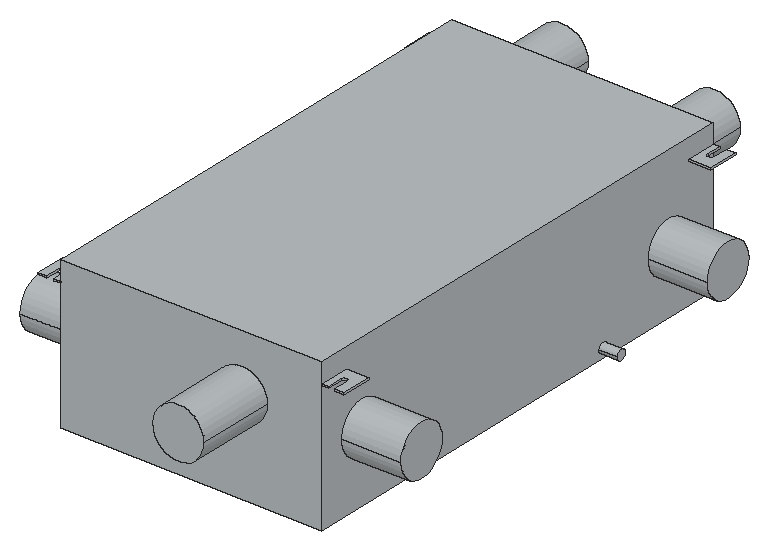
Revit family "vl-200zmhsv3-rc_zmhs(v)4_50Hz", category 機械設備, Revit 2019
Family settings
  丸型コネクタ寸法 = 直径を使用
  パーツ タイプ = 標準
  OmniClass 番号 = 23.75.10.34.21
  OmniClass タイトル = Heat Exchangers for Ventilation Air
  作業面ベース = いいえ
  常に垂直 = はい
  ロード時にボイドで切り取り = いいえ
  共有 = いいえ
  部屋計算ポイント = はい
Parameters (values of type "VL-200ZMHS4")
  騒音レベル(dB(A)) = 30
  風量 = 150.0 m³/h
  面風速 = 5.31 m/s
  電源種別 [instance] = ""
  電圧 = 100 V
  電動機出力 = 0 W
  集中コントローラ = ""
  運転質量 = 0.00 kg
  連動 [instance] = ""
  質量 = if(製品質量 > 運転質量, 製品質量, 運転質量) * 1.2  # 22.80 kg
  負荷分類 = 3_ファン類
  説明 = "ロスナイセントラル換気システム 天吊埋込形 浴室暖房機連動シリーズ"
  設計風量 = 0.0 m³/h
  設置方法 = "天井吊(隠ぺい)形"
  記号 [instance] = ""
  製造元 = "三菱電機株式会社"
  製品質量 = 19.00 kg
  製品出荷対象 = "国内"
  製品リリース年月 = "2022/6/1"
  製品グループ = ""
  系統 [instance] = ""
  符号 = "HEU"
  積算_科目 = "1 空気調和設備"
  積算_拾い区分 [instance] = ""
  相 = 1
  盤記号 [instance] = ""
  発停方法 [instance] = ""
  特殊仕様 [instance] = ""
  点検口高さ = -295 mm
  点検口_Depth = 600 mm
  点検口 = yes
  火災停止 [instance] = ""
  温度交換効率 = 72.00%
  消費電力 = 63.5 W
  法定耐用年数 = "15"
  機外静圧_排気 = 62.0 Pa
  機外静圧 = 62.0 Pa
  極数 = 2
  材質 [instance] = ""
  本体マテリアル = 亜鉛めっき鋼板
  操作・制御方式 = ""
  操作・制御スイッチ = ""
  排気量 = 0.0 m³/h
  形式 = "天井埋込ダクト形"
  幹線記号 [instance] = ""
  対象室 [instance] = ""
  実風量 = 0.0 m³/h
  始動方式 [instance] = "直入"
  天吊金具_径 = 13 mm
  天吊金具_幅 = 588 mm
  外気量 = 0.0 m³/h
  呼称 = "全熱交換ユニット"
  周波数 = 50 Hz
  天吊金具ピッチ2 = 880 mm
  天吊金具ピッチ1 = 540 mm
  天吊金具_高さ = 40 mm
  参照している仕様書等のバージョン = ""
  初期抵抗 = 0.0 Pa
  分類コード = "50052504100070"
  分類グループ = ""
  価格 = 248200
  企業コード = "108420"
  付属品_フィルター_還気 = ""
  付属品_フィルター = ""
  付属品 [instance] = ""
  仕様書バージョン = "Version1.0"
  モデル = "VL-200ZMHS4"
  ドレン管径 = 18 mm
  ダクト径 = 100 mm
  コメント [instance] = ""
  Keynote = ""
  エンタルピ交換効率_暖房 = 67.00%
  エンタルピ交換効率_冷房 = 66.00%
  Assembly Code = ""
  Width = 500 mm
  Version = ""
  Uniclass2015Version = "Systems v1.9"
  Uniclass2015Title = "Thermal wheels"
  Uniclass2015Code = "Pr_60_60_36_88"
  URL = "https://www.mitsubishielectric.co.jp/ldg/wink/ssl/displayProduct.do?pid=320830"
  SpecificationReference = ""
  SpecificationDescription = ""
  SAサイズ_D = 98 mm
  Revision = ""
  RAダクト接続口_t4 = yes
  RAダクト接続口_t3 = yes
  RAサイズ_D = 98 mm
  Duct_SA_Center = 97 mm
  Duct_RA_Center2 = 234 mm
  Duct_RA_Center1 = 373 mm
  ProductInformation = ""
  OmniClassCode = "23-27 23 19 11"
  RAダクト接続口_b1 = yes
  RAダクト接続口_b2 = not(RAダクト接続口_b1)  # no
  OAサイズ_W = 0 mm
  OAサイズ_D = 98 mm
  Duct_OA_Center = 159 mm
  MIN風量 = 80.0 m³/h
  MIN静圧 = 18.0 Pa
  MID風量 = 0.0 m³/h
  MID静圧 = 0.0 Pa
  MAX風量 = 150.0 m³/h
  MAX静圧 = 62.0 Pa
  IfcTypeProduct = ""
  IfcProduct = ""
  IfcExportType = "ROTARYWHEEL"
  IfcExportAs = "IfcAirToAirHeatRecoveryType"
  Height = 289 mm
  RAダクト接続口_t2 = no
  RAダクト接続口_t1 = yes
  EAサイズ_W = 0 mm
  EAサイズ_D = 98 mm
  Duct_EA_Center = 133 mm
  Duct_RA_Height2 = 166 mm
  Duct_RA_Height1 = 153 mm
  Duct_EA_Height = 100 mm
  Duct_OA_Height = 89 mm
  Duct_SA_Height = 109 mm
  Duct_Depth2 = 115 mm
  Duct_Depth1 = 151 mm
  Duct_RA_Center3 = 362 mm
  Drain_Height = 270 mm
  Drain_Depth = 574 mm
  Drain_Center = 204 mm
  Depth = 938 mm
  D1 = 256 mm
  Author = "三菱電機株式会社"
Types (3, lengths in mm): name | 騒音レベル(dB(A)) | 風量 | 面風速 | 説明 | 製品リリース年月 | 温度交換効率 | 消費電力 | 機外静圧_排気 | 機外静圧 | 価格 | モデル | エンタルピ交換効率_暖房 | エンタルピ交換効率_冷房 | URL | MAX風量 | MAX静圧
  VL-200ZMHSV4 | 32 | 150.0 m³/h | 5.31 m/s | "ロスナイセントラル換気システム 天吊埋込形 浴室暖房機連動シリーズ" | "2022/6/1" | 67.00% | 55 W | 62.0 Pa | 62.0 Pa | 287800 | "VL-200ZMHSV4" | 61.00% | 59.00% | "https://www.mitsubishielectric.co.jp/ldg/wink/ssl/displayProduct.do?pid=320831" | 150.0 m³/h | 62.0 Pa
  VL-200ZMHS4 | 30 | 150.0 m³/h | 5.31 m/s | "ロスナイセントラル換気システム 天吊埋込形 浴室暖房機連動シリーズ" | "2022/6/1" | 72.00% | 63.5 W | 62.0 Pa | 62.0 Pa | 248200 | "VL-200ZMHS4" | 67.00% | 66.00% | "https://www.mitsubishielectric.co.jp/ldg/wink/ssl/displayProduct.do?pid=320830" | 150.0 m³/h | 62.0 Pa
  VL-200ZMHSV3-RC | 33.5 | 170.0 m³/h | 6.01 m/s | "ロスナイセントラル換気システム 天吊埋込形 スマートe-Flo®システム対応" | "2021/11/1" | 70.00% | 66 W | 90.0 Pa | 103.0 Pa | 362400 | "VL-200ZMHSV3-RC" | 66.00% | 64.00% | "https://www.mitsubishielectric.co.jp/ldg/wink/ssl/displayProduct.do?pid=313655" | 170.0 m³/h | 103.0 Pa
Reference planes
  plane 1 "中心(正面/背面)": y = 0
  plane 2: z = 0
  plane 3 "中心(左/右)": x = 0
  plane 4: x = -250
  plane 5: x = 250
  plane 6: y = 469
  plane 7: y = -469
  plane 8: z = -289
  plane 9: z = -89
  plane 10: x = -159
  plane 11: x = 133
  plane 12: y = -620
  plane 13: y = 620
  plane 14: y = 362
  plane 15: x = -365
  plane 16: x = 365
  plane 17: y = 300
  plane 18: x = -270
  plane 19: x = 270
  plane 20: y = 440
  plane 21: y = -440
  plane 22: y = -300
  plane 23: x = -294
  plane 24: y = 410
  plane 25: y = -410
  plane 26: z = -5
  plane 27: z = -37
  plane 28: z = -40
  plane 29: x = 294
  plane 30: x = 97
  plane 31: z = -109
  plane 32: z = -100
  plane 33: z = -166
  plane 34: y = -234
  plane 35: y = -373
  plane 36: z = -153
  plane 37: x = -300
  plane 38: x = 300
  plane 39: x = -287
  plane 40: x = 287
  plane 41: y = -256
  plane 42: y = 204
  plane 43: z = -270
Forms (mm)
  Extrusion 1, solid, material "亜鉛めっき鋼板" <- "本体マテリアル", detail levels fine
    sketch origin (0, 0, 0) x (1, 0, 0) y (0, 1, 0)
      loop
        line (-250, 469) -> (-250, -469) -> (250, -469) -> (250, 469) -> (-250, 469)
    from 0 to -289
  Extrusion 2, solid, material "亜鉛めっき鋼板" <- "本体マテリアル", detail levels fine
    sketch origin (510, 445, 0) x (-1, 0, 0) y (0, 0, 1)
      loop
        circle (377, -100) r 49
    from 24 to 175
  Extrusion 3, solid, material "亜鉛めっき鋼板" <- "本体マテリアル", detail levels fine
    sketch origin (-510, 445, 0) x (1, 0, 0) y (0, 0, -1)
      loop
        circle (351, 89) r 49
    from 24 to 175
  Extrusion 4, solid, material "亜鉛めっき鋼板" <- "本体マテリアル", detail levels fine
    sketch origin (-510, -445, 0) x (1, 0, 0) y (0, 0, 1)
      loop
        circle (607, -109) r 49
    from 24 to 175
  Extrusion 5, solid, material "亜鉛めっき鋼板" <- "本体マテリアル", visible <- "RAダクト接続口_t1", detail levels fine
    sketch origin (0, 0, 0) x (0, 1, 0) y (0, 0, 1)
      loop
        circle (362, -166) r 49
    from 250 to 365
  Extrusion 6, solid, material "亜鉛めっき鋼板" <- "本体マテリアル", visible <- "RAダクト接続口_b2", detail levels fine
    sketch origin (0, 0, 0) x (0, 1, 0) y (0, 0, -1)
      loop
        circle (362, 166) r 49
    from 250 to 365
  Extrusion 7, solid, material "亜鉛めっき鋼板" <- "本体マテリアル", visible <- "RAダクト接続口_t1", detail levels fine
    sketch origin (0, 0, 0) x (0, 1, 0) y (0, 0, 1)
      loop
        circle (-373, -153) r 49
    from 250 to 365
  Extrusion 8, solid, material "亜鉛めっき鋼板" <- "本体マテリアル", visible <- "RAダクト接続口_t2", detail levels fine
    sketch origin (0, 0, 0) x (0, 1, 0) y (0, 0, 1)
      loop
        circle (-234, -153) r 49
    from 250 to 365
  Extrusion 9, solid, material "亜鉛めっき鋼板" <- "本体マテリアル", visible <- "RAダクト接続口_t3", detail levels fine
    sketch origin (0, 0, 0) x (0, 1, 0) y (0, 0, -1)
      loop
        circle (-373, 153) r 49
    from 250 to 365
  Extrusion 10, solid, material "亜鉛めっき鋼板" <- "本体マテリアル", visible <- "RAダクト接続口_t4", detail levels fine
    sketch origin (0, 0, 0) x (0, 1, 0) y (0, 0, -1)
      loop
        circle (-234, 153) r 49
    from 250 to 365
  Extrusion 11, solid, material "亜鉛めっき鋼板" <- "本体マテリアル"
    sketch origin (0, 0, 0) x (0, 1, 0) y (0, 0, 1)
      loop
        circle (204, -270) r 9
    from 250 to 287
  Extrusion 12, solid, material "亜鉛めっき鋼板" <- "本体マテリアル"
    sketch origin (0, 0, 0) x (0, 1, 0) y (0, 0, 1)
      loop
        circle (204, -270) r 9
    from -287 to -250
  Extrusion 13, solid, material "亜鉛めっき鋼板" <- "本体マテリアル"
    sketch origin (0, 0, 0) x (1, 0, 0) y (0, 1, 0)
      loop
        line (250, -410) -> (250, -469) -> (263.5, -469) -> (263.5, -440)
        arc (263.5, -440) -> (270, -433.5) -> (276.5, -440) r 6.5
        line (276.5, -440) -> (276.5, -469) -> (294, -469) -> (294, -410) -> (250, -410)
      loop
        line (-250, -410) -> (-294, -410) -> (-294, -469) -> (-276.5, -469) -> (-276.5, -440)
        arc (-276.5, -440) -> (-270, -433.5) -> (-263.5, -440) r 6.5
        line (-263.5, -440) -> (-263.5, -469) -> (-250, -469) -> (-250, -410)
      loop
        line (250, 410) -> (294, 410) -> (294, 469) -> (276.5, 469) -> (276.5, 440)
        arc (276.5, 440) -> (270, 433.5) -> (263.5, 440) r 6.5
        line (263.5, 440) -> (263.5, 469) -> (250, 469) -> (250, 410)
      loop
        line (-250, 410) -> (-250, 469) -> (-263.5, 469) -> (-263.5, 440)
        arc (-263.5, 440) -> (-270, 433.5) -> (-276.5, 440) r 6.5
        line (-276.5, 440) -> (-276.5, 469) -> (-294, 469) -> (-294, 410) -> (-250, 410)
    from -40 to -37
Lines and regions (mm)
  Masking region 1, detail levels coarse+medium
    outline origin (1326.5, 29, 0) x (1, 0, 0) y (0, 1, 0)
      loop
        line (-1576.5, 440) -> (-1576.5, -498) -> (-1076.5, -498) -> (-1076.5, 440) -> (-1576.5, 440)
  symbolic lines, detail levels coarse+medium
    curve 1: line (0, 469, 0) -> (-250, 0, 0)
    curve 2: line (-250, 0, 0) -> (0, -469, 0)
    curve 3: line (0, -469, 0) -> (250, 0, 0)
    curve 4: line (250, 0, 0) -> (0, 469, 0)
Dimensions and locks
  equal spacing: plane 4, plane 3 "中心(左/右)", plane 5
  "Width": plane 4 to plane 5
  equal spacing: plane 6, plane 1 "中心(正面/背面)", plane 7
  "Depth": plane 6 to plane 7
  "Height": level to plane 8
  "Duct_OA_Height": level to plane 9
  "Duct_Depth1": plane 13 to plane 6
  "Duct_Depth1": plane 7 to plane 12
  "Duct_Depth2": plane 5 to plane 16
  "Duct_Depth2": plane 15 to plane 4
  equal spacing: plane 18, plane 3 "中心(左/右)", plane 19
  "天吊金具ピッチ1": plane 18 to plane 19
  equal spacing: plane 20, plane 1 "中心(正面/背面)", plane 21
  "天吊金具ピッチ2": plane 20 to plane 21
  equal spacing: plane 17, plane 1 "中心(正面/背面)", plane 22
  "点検口_Depth": plane 17 to plane 22
  locked: plane 20 to plane 24 at 30
  locked: plane 27 to plane 28 at 3
  "Duct_SA_Height": level to plane 31
  "Duct_RA_Center3": plane 1 "中心(正面/背面)" to plane 14
  "Duct_EA_Center": plane 11 to plane 3 "中心(左/右)"
  "Duct_OA_Center": plane 3 "中心(左/右)" to plane 10
  "Duct_EA_Height": plane 32 to level
  "Duct_RA_Height2": level to plane 33
  "Duct_RA_Center2": plane 34 to plane 1 "中心(正面/背面)"
  "Duct_RA_Center1": plane 35 to plane 1 "中心(正面/背面)"
  "Duct_RA_Height1": level to plane 36
  equal spacing: plane 37, plane 3 "中心(左/右)", plane 38
  "点検口_Depth": plane 37 to plane 38
  equal spacing: plane 39, plane 3 "中心(左/右)", plane 40
  "Drain_Depth": plane 39 to plane 40
  "Duct_SA_Center": plane 30 to plane 3 "中心(左/右)"
  "D1": plane 1 "中心(正面/背面)" to plane 41
  "Drain_Center": plane 1 "中心(正面/背面)" to plane 42
  "Drain_Height": level to plane 43
  "天吊金具_幅": plane 23 to plane 29
  locked: plane 25 to plane 21 at 30
  "天吊金具_高さ": level to plane 28
  "OAサイズ_D": diameter of Extrusion 3 sketch curve
  "SAサイズ_D": diameter of Extrusion 4 sketch curve
  "EAサイズ_D": diameter of Extrusion 2 sketch curve
  "RAサイズ_D": diameter of Extrusion 5 sketch curve
  "RAサイズ_D": diameter of Extrusion 6 sketch curve
  "RAサイズ_D": diameter of Extrusion 8 sketch curve
  "RAサイズ_D": diameter of Extrusion 7 sketch curve
  "RAサイズ_D": diameter of Extrusion 10 sketch curve
  "RAサイズ_D": diameter of Extrusion 9 sketch curve
  "ドレン管径": diameter of Extrusion 11 sketch curve
  "ドレン管径": diameter of Extrusion 12 sketch curve
  "天吊金具_径": diameter of Extrusion 13 sketch curve  (x4)
  aligned and locked: level to plane 2
  aligned and locked: Extrusion 1 to plane 8
  aligned and locked: Masking region 1 to plane 4
  aligned and locked: plane 5 to Masking region 1
  aligned and locked: plane 6 to Masking region 1
  aligned and locked: Masking region 1 to plane 7
  aligned and locked: plane 19 to nested 1
  aligned and locked: plane 18 to nested 1
  aligned and locked: nested 1 to plane 21
  aligned and locked: plane 20 to nested 1
  aligned and locked: plane 17 to nested 2
  aligned and locked: nested 2 to plane 22
  aligned and locked: plane 13 to Extrusion 2
  aligned and locked: Extrusion 2 to plane 6
  aligned and locked: plane 13 to Extrusion 3
  aligned and locked: Extrusion 3 to plane 6
  aligned and locked: Extrusion 4 to plane 12
  aligned and locked: plane 7 to Extrusion 4
  aligned and locked: plane 16 to Extrusion 5
  aligned and locked: Extrusion 5 to plane 5
  aligned and locked: plane 4 to Extrusion 6
  aligned and locked: Extrusion 6 to plane 15
  aligned and locked: plane 16 to Extrusion 7
  aligned and locked: Extrusion 7 to plane 5
  aligned and locked: plane 16 to Extrusion 8
  aligned and locked: Extrusion 8 to plane 5
  aligned and locked: Extrusion 9 to plane 15
  aligned and locked: Extrusion 10 to plane 15
  aligned and locked: plane 4 to Extrusion 10
  aligned and locked: plane 4 to Extrusion 9
  aligned and locked: plane 38 to nested 2
  aligned and locked: plane 37 to nested 2
  aligned and locked: Extrusion 11 to plane 40
  aligned and locked: Extrusion 11 to plane 5
  aligned and locked: Extrusion 12 to plane 39
  aligned and locked: plane 4 to Extrusion 12
  aligned and locked: Extrusion 13 sketch curve to plane 25
  aligned and locked: plane 7 to Extrusion 13 sketch curve  (x2)
  aligned and locked: plane 4 to Extrusion 13 sketch curve
  aligned and locked: plane 25 to Extrusion 13 sketch curve
  aligned and locked: Extrusion 13 sketch curve to plane 23
  aligned and locked: Extrusion 13 sketch curve to plane 7  (x2)
  aligned and locked: Extrusion 13 sketch curve to plane 4
  aligned and locked: plane 23 to Extrusion 13 sketch curve
  aligned and locked: Extrusion 13 sketch curve to plane 6
  aligned and locked: Extrusion 13 sketch curve to plane 29
  aligned and locked: plane 6 to Extrusion 13 sketch curve  (x2)
  aligned and locked: Extrusion 13 sketch curve to plane 5
  aligned and locked: Extrusion 13 sketch curve to plane 24
  aligned and locked: Extrusion 13 to plane 28
  aligned and locked: plane 27 to Extrusion 13
Automatic sketch dimensions
  Extrusion 2 sketch curve to plane 11 = 0 mm
  Extrusion 2 sketch curve to plane 32 = 0 mm
  Extrusion 3 sketch curve to plane 9 = 0 mm
  Extrusion 3 sketch curve to plane 10 = 0 mm
  Extrusion 4 sketch curve to plane 30 = 0 mm
  Extrusion 4 sketch curve to plane 31 = 0 mm
  Extrusion 5 sketch curve to plane 14 = 0 mm
  Extrusion 5 sketch curve to plane 33 = 0 mm
  Extrusion 6 sketch curve to plane 14 = 0 mm
  Extrusion 6 sketch curve to plane 33 = 0 mm
  Extrusion 7 sketch curve to plane 35 = 0 mm
  Extrusion 7 sketch curve to plane 36 = 0 mm
  Extrusion 8 sketch curve to plane 34 = 0 mm
  Extrusion 8 sketch curve to plane 36 = 0 mm
  Extrusion 9 sketch curve to plane 35 = 0 mm
  Extrusion 9 sketch curve to plane 36 = 0 mm
  Extrusion 10 sketch curve to plane 34 = 0 mm
  Extrusion 10 sketch curve to plane 36 = 0 mm
  plane 1 "中心(正面/背面)" to curve 1 = 0 mm
  curve 1 to plane 4 = 0 mm
  curve 2 to plane 3 "中心(左/右)" = 0 mm
  curve 4 to plane 3 "中心(左/右)" = 0 mm
  plane 1 "中心(正面/背面)" to curve 4 = 0 mm
  curve 4 to plane 5 = 0 mm
  curve 2 to plane 7 = 0 mm
  curve 4 to plane 6 = 0 mm
  Extrusion 1 sketch curve to plane 4 = 0 mm
  Extrusion 1 sketch curve to plane 5 = 0 mm
  Extrusion 1 sketch curve to plane 7 = 0 mm
  Extrusion 1 sketch curve to plane 6 = 0 mm
  Masking region 1 sketch curve to plane 4 = 0 mm
  Masking region 1 sketch curve to plane 5 = 0 mm
  Masking region 1 sketch curve to plane 7 = 0 mm
  Masking region 1 sketch curve to plane 6 = 0 mm
  Extrusion 13 sketch curve to plane 21 = 0 mm  (x2)
  Extrusion 13 sketch curve to plane 20 = 0 mm  (x2)
  Extrusion 13 sketch curve to plane 18 = 0 mm  (x2)
  Extrusion 13 sketch curve to plane 5 = 0 mm
  Extrusion 13 sketch curve to plane 19 = 0 mm  (x2)
  Extrusion 13 sketch curve to plane 29 = 0 mm
  Extrusion 13 sketch curve to plane 24 = 0 mm
  Extrusion 13 sketch curve to plane 6 = 0 mm
  Extrusion 11 sketch curve to plane 42 = 0 mm
  Extrusion 11 sketch curve to plane 43 = 0 mm
  Extrusion 12 sketch curve to plane 42 = 0 mm
  Extrusion 12 sketch curve to plane 43 = 0 mm
Nested families
  nested 1: "固定点" at (-270, -440, 0), type "固定点"
    with W 540 mm, D 880 mm
  nested 2: "点検口設置範囲" at (0, 0, -295), built-in parameter 1001364 <- "点検口高さ", visible <- "点検口", type "点検口設置範囲"
    with Width 600 mm, Depth 600 mm
Connectors
  hvac at (133, 620, -100), driven by "ダクト径", driven by "排気量", driven by "機外静圧_排気"
    settings: on Extrusion 2, index 8, duct flow 0.0 m³/h, flow factor 0, pres drop 62.0 Pa, loss coef 0, conn angle 0.00°, conn width 304.8 mm, conn height 304.8 mm, conn diameter 100 mm, duct sys type 3, conn prof type 0, flow config 0, flow direction 2, loss method 4, conn ref index -1, conn util no, is conn primary yes, conn desc ""
  hvac at (-159, 620, -89), driven by "ダクト径", driven by "外気量", driven by "機外静圧"
    settings: on Extrusion 3, index 9, duct flow 0.0 m³/h, flow factor 0, pres drop 62.0 Pa, loss coef 0, conn angle 0.00°, conn width 304.8 mm, conn height 304.8 mm, conn diameter 100 mm, duct sys type 4, conn prof type 0, flow config 0, flow direction 1, loss method 4, conn ref index -1, conn util no, is conn primary no, conn desc ""
  hvac at (97, -620, -109), driven by "ダクト径", driven by "風量", driven by "機外静圧"
    settings: on Extrusion 4, index 10, duct flow 150.0 m³/h, flow factor 0, pres drop 62.0 Pa, loss coef 0, conn angle 0.00°, conn width 304.8 mm, conn height 304.8 mm, conn diameter 100 mm, duct sys type 1, conn prof type 0, flow config 0, flow direction 2, loss method 4, conn ref index -1, conn util no, is conn primary no, conn desc ""
  hvac at (365, 362, -166), driven by "ダクト径", driven by "機外静圧", driven by "風量"
    settings: on Extrusion 5, index 11, duct flow 150.0 m³/h, flow factor 0, pres drop 62.0 Pa, loss coef 0, conn angle 0.00°, conn width 304.8 mm, conn height 304.8 mm, conn diameter 100 mm, duct sys type 2, conn prof type 0, flow config 0, flow direction 1, loss method 4, conn ref index -1, conn util no, is conn primary no, conn desc ""
  hvac at (-365, 362, -166), driven by "ダクト径", driven by "機外静圧", driven by "風量"
    settings: on Extrusion 6, index 12, duct flow 150.0 m³/h, flow factor 0, pres drop 62.0 Pa, loss coef 0, conn angle 0.00°, conn width 304.8 mm, conn height 304.8 mm, conn diameter 100 mm, duct sys type 2, conn prof type 0, flow config 0, flow direction 1, loss method 4, conn ref index -1, conn util no, is conn primary no, conn desc ""
  hvac at (365, -234, -153), driven by "ダクト径", driven by "機外静圧", driven by "風量"
    settings: on Extrusion 8, index 13, duct flow 150.0 m³/h, flow factor 0, pres drop 62.0 Pa, loss coef 0, conn angle 0.00°, conn width 304.8 mm, conn height 304.8 mm, conn diameter 100 mm, duct sys type 2, conn prof type 0, flow config 0, flow direction 1, loss method 4, conn ref index -1, conn util no, is conn primary no, conn desc ""
  hvac at (365, -373, -153), driven by "ダクト径", driven by "機外静圧", driven by "風量"
    settings: on Extrusion 7, index 14, duct flow 150.0 m³/h, flow factor 0, pres drop 62.0 Pa, loss coef 0, conn angle 0.00°, conn width 304.8 mm, conn height 304.8 mm, conn diameter 100 mm, duct sys type 2, conn prof type 0, flow config 0, flow direction 1, loss method 4, conn ref index -1, conn util no, is conn primary no, conn desc ""
  hvac at (-365, -234, -153), driven by "ダクト径", driven by "機外静圧", driven by "風量"
    settings: on Extrusion 10, index 15, duct flow 150.0 m³/h, flow factor 0, pres drop 62.0 Pa, loss coef 0, conn angle 0.00°, conn width 304.8 mm, conn height 304.8 mm, conn diameter 100 mm, duct sys type 2, conn prof type 0, flow config 0, flow direction 1, loss method 4, conn ref index -1, conn util no, is conn primary no, conn desc ""
  hvac at (-365, -373, -153), driven by "ダクト径", driven by "機外静圧", driven by "風量"
    settings: on Extrusion 9, index 16, duct flow 150.0 m³/h, flow factor 0, pres drop 62.0 Pa, loss coef 0, conn angle 0.00°, conn width 304.8 mm, conn height 304.8 mm, conn diameter 100 mm, duct sys type 2, conn prof type 0, flow config 0, flow direction 1, loss method 4, conn ref index -1, conn util no, is conn primary no, conn desc ""
  piping at (287, 204, -270), diameter 18, driven by "ドレン管径"
    settings: on Extrusion 11, index 17, connector inside diameter 609.6 mm, connector length 0 mm, flow factor 0, pipe flow 0.0 L/s, pressure drop 0.0 Pa, fitting loss kfactor 0, connector angle 0.00°, fixture units 0, engagement length 0 mm, angle of deflection 0.00°, flow configuration 0, flow direction 2, fitting loss method 4, system type 16, joint type 0, gender type 0, connector reference index -1, connector utility 0, adjustable connector no, is connector primary yes, connector description ""
  piping at (-287, 204, -270), diameter 18, driven by "ドレン管径"
    settings: on Extrusion 12, index 18, connector inside diameter 609.6 mm, connector length 0 mm, flow factor 0, pipe flow 0.0 L/s, pressure drop 0.0 Pa, fitting loss kfactor 0, connector angle 0.00°, fixture units 0, engagement length 0 mm, angle of deflection 0.00°, flow configuration 0, flow direction 2, fitting loss method 4, system type 16, joint type 0, gender type 0, connector reference index -1, connector utility 0, adjustable connector no, is connector primary no, connector description ""
Definition of nested family "固定点"
  Parameters (values of type "固定点")
    中心円 = 20 mm
    W [instance] = 1000 mm
    D [instance] = 1000 mm
  Reference planes
    plane 1 "中心(正面/背面)": y = 0
    plane 2: z = 0
    plane 3 "中心(左/右)": x = 0
    plane 4: x = 1000
    plane 5: y = 1000
  Lines and regions (mm)
    symbolic lines, detail levels fine
      curve 1: circle (0, 1000, 0) r 10 normal (0, 0, 1)
      curve 2: circle (0, 0, 0) r 10 normal (0, 0, 1)
      curve 3: circle (1000, 1000, 0) r 10 normal (0, 0, 1)
      curve 4: circle (1000, 0, 0) r 10 normal (0, 0, 1)
      curve 5: line (-200, 1000, 0) -> (1200, 1000, 0)
      curve 6: line (-200, 0, 0) -> (1200, 0, 0)
      curve 7: line (0, 1200, 0) -> (0, -200, 0)
      curve 8: line (1000, 1200, 0) -> (1000, -200, 0)
  Dimensions and locks
    "W": plane 3 "中心(左/右)" to plane 4
    "D": plane 1 "中心(正面/背面)" to plane 5
    "中心円": diameter of curve 1
    "中心円": diameter of curve 2
    "中心円": diameter of curve 3
    "中心円": diameter of curve 4
    aligned and locked: level to plane 2
    aligned and locked: plane 5 to curve 1
    aligned and locked: plane 3 "中心(左/右)" to curve 1
    aligned and locked: plane 3 "中心(左/右)" to curve 2
    aligned and locked: plane 1 "中心(正面/背面)" to curve 2
    aligned and locked: plane 4 to curve 3
    aligned and locked: plane 5 to curve 3
    aligned and locked: plane 1 "中心(正面/背面)" to curve 4
    aligned and locked: plane 4 to curve 4
    aligned and locked: plane 1 "中心(正面/背面)" to curve 6
    aligned and locked: curve 7 to plane 3 "中心(左/右)"
    aligned and locked: curve 8 to plane 4
  Automatic sketch dimensions
    curve 5 to plane 5 = 0 mm
    curve 6 to plane 3 "中心(左/右)" = 200 mm
    curve 5 to plane 3 "中心(左/右)" = 200 mm
    curve 4 to curve 6 = 200 mm
    curve 3 to curve 5 = 200 mm
    plane 1 "中心(正面/背面)" to curve 8 = 200 mm
    plane 1 "中心(正面/背面)" to curve 7 = 200 mm
    curve 3 to curve 8 = 200 mm
    curve 1 to curve 7 = 200 mm
Definition of nested family "点検口設置範囲"
  Parameters (values of type "点検口設置範囲")
    Width [instance] = 1000 mm
    Depth [instance] = 700 mm
  Reference planes
    plane 1 "中心(正面/背面)": y = 0
    plane 2: z = 0
    plane 3 "中心(左/右)": x = 0
    plane 4: x = -500
    plane 5: x = 500
    plane 6: y = -350
    plane 7: y = 350
  Lines and regions (mm)
    model lines
      curve 1: line (-500, 350, 0) -> (500, 350, 0)
      curve 2: line (-500, -350, 0) -> (-500, 350, 0)
      curve 3: line (500, -350, 0) -> (-500, -350, 0)
      curve 4: line (500, 350, 0) -> (500, -350, 0)
  Dimensions and locks
    "Depth": plane 7 to plane 6
    "Width": plane 4 to plane 5
    equal spacing: plane 7, plane 1 "中心(正面/背面)", plane 6
    equal spacing: plane 4, plane 3 "中心(左/右)", plane 5
    aligned and locked: level to plane 2
    aligned and locked: plane 4 to curve 2
    aligned and locked: curve 1 to plane 7
    aligned and locked: curve 4 to plane 5
    aligned and locked: plane 6 to curve 3
